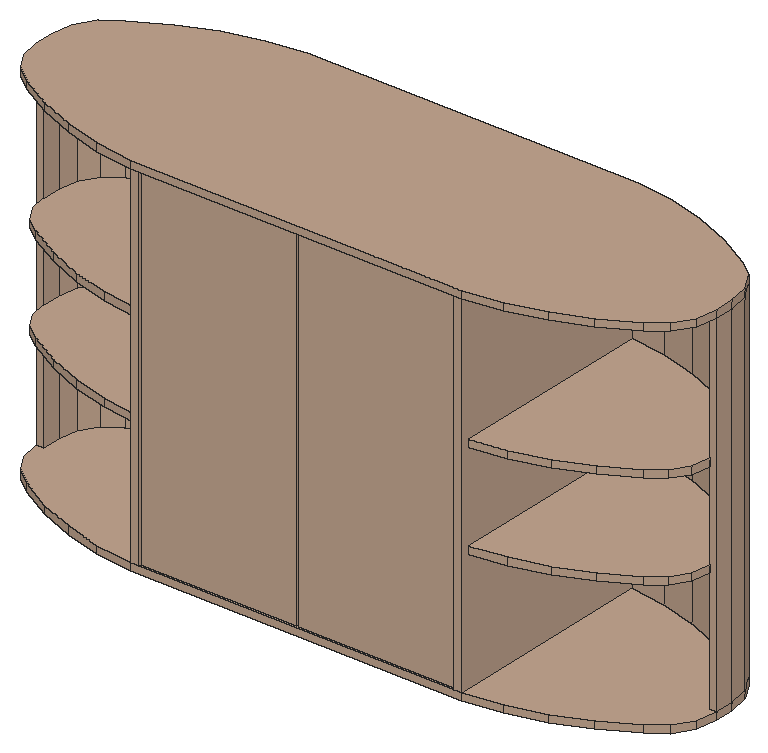
Revit family
Parameters (values of type "1849 x 600 mm")
  Cabinet Material = Wood
  Length = 900 mm
  Height of Shelf = 370 mm
  Height = 980 mm
Reference planes
  plane 1 "Center (Front/Back)": y = 0
  plane 2: z = 0
  plane 3 "Center (Left/Right)": x = 0
  plane 4: y = 300
  plane 5: y = -300
  plane 6: x = -450
  plane 7: x = 450
  plane 8: z = 980
  plane 9: z = 370
  plane 10: z = 610
Forms (mm)
  Extrusion 1, solid, material "Wood" <- "Cabinet Material"
    sketch origin (0, 0, 0) x (1, 0, 0) y (0, 1, 0)
      loop
        line (-450, 300) -> (-552.452, 285.197) -> (-652.266, 257.761) -> (-747.89, 218.116) -> (-837.837, 166.88) -> (-884.279, 131.9) -> (-914.924, 82.489) -> (-924.451, 25.294) -> (-924.451, -25.294) -> (-914.924, -82.489) -> (-884.279, -131.9) -> (-837.837, -166.88) -> (-747.89, -218.116) -> (-652.266, -257.761) -> (-552.452, -285.197) -> (-450, -300) -> (450, -300) -> (552.452, -285.197) -> (652.266, -257.761) -> (747.89, -218.116) -> (837.837, -166.88) -> (884.279, -131.9) -> (914.924, -82.489) -> (924.451, -25.294) -> (924.451, 25.294) -> (914.924, 82.489) -> (884.279, 131.9) -> (837.837, 166.88) -> (747.89, 218.116) -> (652.266, 257.761) -> (552.452, 285.197) -> (450, 300) -> (-450, 300)
    from 0 to 20
  Extrusion 2, solid, material "Wood" <- "Cabinet Material"
    sketch origin (0, 0, 0) x (1, 0, 0) y (0, 1, 0)
      loop
        line (-924.451, 25.294) -> (-924.451, -25.294) -> (-904.451, -25.294) -> (-904.451, 23.64) -> (-895.845, 75.305) -> (-869.256, 118.177) -> (-826.826, 150.135) -> (-739.076, 200.119) -> (-645.761, 238.807) -> (-548.356, 265.581) -> (-448.563, 280) -> (448.563, 280) -> (548.356, 265.581) -> (645.761, 238.807) -> (739.076, 200.119) -> (826.826, 150.135) -> (869.256, 118.177) -> (895.845, 75.305) -> (904.451, 23.64) -> (904.451, -25.294) -> (924.451, -25.294) -> (924.451, 25.294) -> (914.924, 82.489) -> (884.279, 131.9) -> (837.837, 166.88) -> (747.89, 218.116) -> (652.266, 257.761) -> (552.452, 285.197) -> (450, 300) -> (-450, 300) -> (-552.452, 285.197) -> (-652.266, 257.761) -> (-747.89, 218.116) -> (-837.837, 166.88) -> (-884.279, 131.9) -> (-914.924, 82.489) -> (-924.451, 25.294)
    from 20 to 980
  Extrusion 3, solid, material "Wood" <- "Cabinet Material"
    sketch origin (0, 0, 980) x (0, -1, 0) y (-1, 0, 0)
      loop
        line (131.9, 884.279) -> (82.489, 914.924) -> (25.294, 924.451) -> (-25.294, 924.451) -> (-82.489, 914.924) -> (-131.9, 884.279) -> (-166.88, 837.837) -> (-218.116, 747.89) -> (-257.761, 652.266) -> (-285.197, 552.452) -> (-300, 450) -> (-300, -450) -> (-285.197, -552.452) -> (-257.761, -652.266) -> (-218.116, -747.89) -> (-166.88, -837.837) -> (-131.9, -884.279) -> (-82.489, -914.924) -> (-25.294, -924.451) -> (25.294, -924.451) -> (82.489, -914.924) -> (131.9, -884.279) -> (166.88, -837.837) -> (218.116, -747.89) -> (257.761, -652.266) -> (285.197, -552.452) -> (300, -450) -> (300, 450) -> (285.197, 552.452) -> (257.761, 652.266) -> (218.116, 747.89) -> (166.88, 837.837) -> (131.9, 884.279)
    from 0 to -20
  Extrusion 4, solid, material "Wood" <- "Cabinet Material"
    sketch origin (0, 0, 0) x (1, 0, 0) y (0, 1, 0)
      loop
        line (-448.563, 280) -> (-448.563, -300) -> (-428.563, -300) -> (-428.563, 260) -> (430, 260) -> (430, -300) -> (450, -300) -> (450, 280) -> (-448.563, 280)
    from 20 to 980
  Extrusion 5, solid, material "Wood" <- "Cabinet Material"
    sketch origin (0, 0, 0) x (1, 0, 0) y (0, 1, 0)
      loop
        line (-428.563, -292.595) -> (-3.661, -292.595) -> (-3.661, -277.785) -> (-428.563, -277.785) -> (-428.563, -292.595)
      loop
        line (430, -292.595) -> (430, -277.785) -> (1.89, -277.785) -> (1.89, -292.595) -> (430, -292.595)
    from 20 to 980
  Extrusion 6, solid, material "Wood" <- "Cabinet Material"
    sketch origin (0, 0, 370) x (-1, 0, 0) y (0, -1, 0)
      loop
        line (904.451, 23.64) -> (895.845, 75.305) -> (869.256, 118.177) -> (826.826, 150.135) -> (739.076, 200.119) -> (645.761, 238.807) -> (548.356, 265.581) -> (448.563, 280) -> (448.563, -280) -> (548.356, -265.581) -> (645.761, -238.807) -> (739.076, -200.119) -> (826.826, -150.135) -> (869.256, -118.177) -> (895.845, -75.305) -> (904.451, -23.64) -> (904.451, 23.64)
      loop
        line (-904.451, 23.64) -> (-904.451, -23.64) -> (-895.845, -75.305) -> (-869.256, -118.177) -> (-826.826, -150.135) -> (-739.076, -200.119) -> (-645.761, -238.807) -> (-548.356, -265.581) -> (-448.563, -280) -> (-448.563, 280) -> (-548.356, 265.581) -> (-645.761, 238.807) -> (-739.076, 200.119) -> (-826.826, 150.135) -> (-869.256, 118.177) -> (-895.845, 75.305) -> (-904.451, 23.64)
    from 0 to -20
  Extrusion 7, solid, material "Wood" <- "Cabinet Material"
    sketch origin (0, 0, 610) x (-1, 0, 0) y (0, -1, 0)
      loop
        line (904.451, 23.64) -> (895.845, 75.305) -> (869.256, 118.177) -> (826.826, 150.135) -> (739.076, 200.119) -> (645.761, 238.807) -> (548.356, 265.581) -> (448.563, 280) -> (448.563, -280) -> (548.356, -265.581) -> (645.761, -238.807) -> (739.076, -200.119) -> (826.826, -150.135) -> (869.256, -118.177) -> (895.845, -75.305) -> (904.451, -23.64) -> (904.451, 23.64)
      loop
        line (-904.451, 23.64) -> (-904.451, -23.64) -> (-895.845, -75.305) -> (-869.256, -118.177) -> (-826.826, -150.135) -> (-739.076, -200.119) -> (-645.761, -238.807) -> (-548.356, -265.581) -> (-448.563, -280) -> (-448.563, 280) -> (-548.356, 265.581) -> (-645.761, 238.807) -> (-739.076, 200.119) -> (-826.826, 150.135) -> (-869.256, 118.177) -> (-895.845, 75.305) -> (-904.451, 23.64)
    from 0 to 20
Lines and regions (mm)
  Masking region 1
    outline origin (0, 0, 610) x (-1, 0, 0) y (0, -1, 0)
      loop
        line (747.89, 218.116) -> (652.266, 257.761) -> (552.452, 285.197) -> (450, 300) -> (-450, 300) -> (-552.452, 285.197) -> (-652.266, 257.761) -> (-747.89, 218.116) -> (-837.837, 166.88) -> (-884.279, 131.9) -> (-914.924, 82.489) -> (-924.451, 25.294) -> (-924.451, -25.294) -> (-914.924, -82.489) -> (-884.279, -131.9) -> (-837.837, -166.88) -> (-747.89, -218.116) -> (-652.266, -257.761) -> (-552.452, -285.197) -> (-450, -300) -> (450, -300) -> (552.452, -285.197) -> (652.266, -257.761) -> (747.89, -218.116) -> (837.837, -166.88) -> (884.279, -131.9) -> (914.924, -82.489) -> (924.451, -25.294) -> (924.451, 25.294) -> (914.924, 82.489) -> (884.279, 131.9) -> (837.837, 166.88) -> (747.89, 218.116)
  symbolic lines
    curve 1: line (-552.452, -285.197, 610) -> (-450, -300, 610)
    curve 2: line (-652.266, -257.761, 610) -> (-552.452, -285.197, 610)
    curve 3: line (-747.89, -218.116, 610) -> (-652.266, -257.761, 610)
    curve 4: line (-837.837, -166.88, 610) -> (-747.89, -218.116, 610)
    curve 5: line (-884.279, -131.9, 610) -> (-837.837, -166.88, 610)
    curve 6: line (-914.924, -82.489, 610) -> (-884.279, -131.9, 610)
    curve 7: line (-924.451, -25.294, 610) -> (-914.924, -82.489, 610)
    curve 8: line (-924.451, 25.294, 610) -> (-924.451, -25.294, 610)
    curve 9: line (-914.924, 82.489, 610) -> (-924.451, 25.294, 610)
    curve 10: line (-884.279, 131.9, 610) -> (-914.924, 82.489, 610)
    curve 11: line (-837.837, 166.88, 610) -> (-884.279, 131.9, 610)
    curve 12: line (-747.89, 218.116, 610) -> (-837.837, 166.88, 610)
    curve 13: line (-652.266, 257.761, 610) -> (-747.89, 218.116, 610)
    curve 14: line (-552.452, 285.197, 610) -> (-652.266, 257.761, 610)
    curve 15: line (-450, 300, 610) -> (-552.452, 285.197, 610)
    curve 16: line (450, 300, 610) -> (-450, 300, 610)
    curve 17: line (-450, -300, 610) -> (450, -300, 610)
    curve 18: line (552.452, -285.197, 610) -> (450, -300, 610)
    curve 19: line (652.266, -257.761, 610) -> (552.452, -285.197, 610)
    curve 20: line (747.89, -218.116, 610) -> (652.266, -257.761, 610)
    curve 21: line (837.837, -166.88, 610) -> (747.89, -218.116, 610)
    curve 22: line (884.279, -131.9, 610) -> (837.837, -166.88, 610)
    curve 23: line (914.924, -82.489, 610) -> (884.279, -131.9, 610)
    curve 24: line (924.451, -25.294, 610) -> (914.924, -82.489, 610)
    curve 25: line (924.451, 25.294, 610) -> (924.451, -25.294, 610)
    curve 26: line (914.924, 82.489, 610) -> (924.451, 25.294, 610)
    curve 27: line (884.279, 131.9, 610) -> (914.924, 82.489, 610)
    curve 28: line (837.837, 166.88, 610) -> (884.279, 131.9, 610)
    curve 29: line (747.89, 218.116, 610) -> (837.837, 166.88, 610)
    curve 30: line (652.266, 257.761, 610) -> (747.89, 218.116, 610)
    curve 31: line (552.452, 285.197, 610) -> (652.266, 257.761, 610)
    curve 32: line (450, 300, 610) -> (552.452, 285.197, 610)
Dimensions and locks
  equal spacing: plane 6, plane 3 "Center (Left/Right)", plane 7
  "Length": plane 6 to plane 7
  "Height": plane 8 to level
  "Height of Shelf": plane 9 to level
  "Height of Shelf": plane 8 to plane 10
  Extrusion 3 to Extrusion 3 = 1848.903 mm
  Extrusion 3 to Extrusion 3 = 600 mm
  aligned and locked: plane 6 to Extrusion 1 sketch curve
  aligned and locked: Extrusion 1 sketch curve to plane 4
  aligned and locked: Extrusion 2 sketch curve to Extrusion 1
  aligned and locked: plane 8 to Extrusion 2
  aligned and locked: Extrusion 3 sketch curve to Extrusion 1  (x8)
  aligned and locked: Extrusion 3 sketch curve to Extrusion 2  (x9)
  aligned and locked: Extrusion 3 to Extrusion 2
  aligned and locked: Extrusion 2 to Extrusion 4 sketch curve
  aligned and locked: Extrusion 4 sketch curve to Extrusion 2
  aligned and locked: Extrusion 1 to Extrusion 4 sketch curve
  aligned and locked: Extrusion 4 sketch curve to Extrusion 1
  aligned and locked: Extrusion 2 to Extrusion 4
  aligned and locked: Extrusion 4 to Extrusion 5 sketch curve
  aligned and locked: Extrusion 2 to Extrusion 5
  aligned and locked: Extrusion 2 to Extrusion 6 sketch curve
  aligned and locked: Extrusion 6 sketch curve to Extrusion 2  (x7)
  aligned and locked: Extrusion 6 sketch curve to Extrusion 4
  aligned and locked: Extrusion 2 to Extrusion 7 sketch curve
  aligned and locked: Extrusion 7 sketch curve to Extrusion 2  (x7)
  aligned and locked: Extrusion 7 sketch curve to Extrusion 4
Automatic sketch dimensions
  Extrusion 1 sketch curve to plane 5 = 0 mm
  Extrusion 1 sketch curve to plane 6 = 0 mm
  Extrusion 1 sketch curve to plane 4 = 14.803 mm  (x2)
  Extrusion 1 sketch curve to plane 6 = 102.452 mm  (x2)
  plane 5 to Extrusion 1 sketch curve = 14.803 mm  (x2)
  Extrusion 1 sketch curve to plane 4 = 42.239 mm  (x2)
  Extrusion 1 sketch curve to Extrusion 1 sketch curve = 99.814 mm  (x4)
  plane 5 to Extrusion 1 sketch curve = 42.239 mm  (x2)
  Extrusion 1 sketch curve to Extrusion 1 sketch curve = 95.624 mm  (x4)
  plane 5 to Extrusion 1 sketch curve = 81.884 mm  (x2)
  Extrusion 1 sketch curve to Extrusion 1 sketch curve = 51.236 mm  (x2)
  Extrusion 1 sketch curve to Extrusion 1 sketch curve = 34.981 mm  (x4)
  Extrusion 1 sketch curve to Extrusion 1 sketch curve = 49.411 mm  (x4)
  plane 1 "Center (Front/Back)" to Extrusion 1 sketch curve = 25.294 mm  (x2)
  Extrusion 1 sketch curve to plane 1 "Center (Front/Back)" = 25.294 mm  (x2)
  Extrusion 1 sketch curve to Extrusion 1 sketch curve = 57.195 mm  (x2)
  Extrusion 1 sketch curve to plane 4 = 81.884 mm  (x2)
  plane 7 to Extrusion 1 sketch curve = 102.452 mm  (x2)
  Extrusion 1 sketch curve to plane 7 = 0 mm  (x2)
  Extrusion 1 sketch curve to Extrusion 1 sketch curve = 89.947 mm  (x4)
  Extrusion 1 sketch curve to Extrusion 1 sketch curve = 46.442 mm  (x4)
  Extrusion 1 sketch curve to Extrusion 1 sketch curve = 30.645 mm  (x4)
  Extrusion 1 sketch curve to Extrusion 1 sketch curve = 9.527 mm  (x2)
  Masking region 1 sketch curve to plane 5 = 0 mm
  Masking region 1 sketch curve to plane 7 = 0 mm  (x2)
  Masking region 1 sketch curve to plane 4 = 0 mm
  Masking region 1 sketch curve to plane 6 = 0 mm  (x2)
  plane 5 to Masking region 1 sketch curve = 14.803 mm  (x2)
  plane 7 to Masking region 1 sketch curve = 102.452 mm  (x2)
  Masking region 1 sketch curve to plane 4 = 14.803 mm  (x2)
  plane 5 to Masking region 1 sketch curve = 42.239 mm  (x2)
  Masking region 1 sketch curve to Masking region 1 sketch curve = 99.814 mm  (x4)
  Masking region 1 sketch curve to plane 4 = 42.239 mm  (x2)
  Masking region 1 sketch curve to plane 4 = 81.884 mm  (x2)
  Masking region 1 sketch curve to Masking region 1 sketch curve = 95.624 mm  (x4)
  plane 5 to Masking region 1 sketch curve = 81.884 mm  (x2)
  Masking region 1 sketch curve to plane 4 = 133.12 mm  (x2)
  Masking region 1 sketch curve to Masking region 1 sketch curve = 89.947 mm  (x4)
  plane 5 to Masking region 1 sketch curve = 133.12 mm  (x2)
  Masking region 1 sketch curve to plane 1 "Center (Front/Back)" = 131.9 mm  (x2)
  Masking region 1 sketch curve to Masking region 1 sketch curve = 46.442 mm  (x4)
  plane 1 "Center (Front/Back)" to Masking region 1 sketch curve = 131.9 mm  (x2)
  Masking region 1 sketch curve to plane 1 "Center (Front/Back)" = 82.489 mm  (x2)
  Masking region 1 sketch curve to Masking region 1 sketch curve = 30.645 mm  (x4)
  plane 1 "Center (Front/Back)" to Masking region 1 sketch curve = 82.489 mm  (x2)
  plane 1 "Center (Front/Back)" to Masking region 1 sketch curve = 25.294 mm  (x2)
  Masking region 1 sketch curve to Masking region 1 sketch curve = 9.527 mm  (x2)
  Masking region 1 sketch curve to plane 6 = 102.452 mm  (x2)
  Masking region 1 sketch curve to plane 1 "Center (Front/Back)" = 25.294 mm  (x2)
  Extrusion 2 sketch curve to plane 4 = 0 mm
  Extrusion 2 sketch curve to plane 6 = 0 mm
  Extrusion 2 sketch curve to plane 7 = 0 mm
  Extrusion 2 sketch curve to plane 4 = 34.419 mm  (x2)
  Extrusion 2 sketch curve to plane 6 = 98.356 mm
  Extrusion 2 sketch curve to plane 4 = 14.803 mm  (x2)
  Extrusion 2 sketch curve to Extrusion 2 sketch curve = 4.096 mm  (x2)
  Extrusion 2 sketch curve to plane 4 = 61.193 mm  (x2)
  Extrusion 2 sketch curve to Extrusion 2 sketch curve = 97.405 mm  (x2)
  Extrusion 2 sketch curve to plane 4 = 42.239 mm  (x2)
  Extrusion 2 sketch curve to Extrusion 2 sketch curve = 6.506 mm  (x2)
  Extrusion 2 sketch curve to plane 4 = 99.881 mm  (x2)
  Extrusion 2 sketch curve to Extrusion 2 sketch curve = 93.316 mm  (x2)
  Extrusion 2 sketch curve to plane 4 = 81.884 mm  (x2)
  Extrusion 2 sketch curve to Extrusion 2 sketch curve = 8.814 mm  (x2)
  Extrusion 2 sketch curve to plane 4 = 149.865 mm  (x2)
  Extrusion 2 sketch curve to Extrusion 2 sketch curve = 87.75 mm  (x2)
  Extrusion 2 sketch curve to plane 4 = 133.12 mm  (x2)
  Extrusion 2 sketch curve to Extrusion 2 sketch curve = 11.011 mm  (x2)
  Extrusion 2 sketch curve to plane 1 "Center (Front/Back)" = 118.177 mm  (x2)
  Extrusion 2 sketch curve to Extrusion 2 sketch curve = 42.43 mm  (x2)
  Extrusion 2 sketch curve to plane 1 "Center (Front/Back)" = 131.9 mm  (x2)
  Extrusion 2 sketch curve to Extrusion 2 sketch curve = 15.023 mm  (x2)
  Extrusion 2 sketch curve to plane 1 "Center (Front/Back)" = 75.305 mm  (x2)
  Extrusion 2 sketch curve to Extrusion 2 sketch curve = 26.589 mm  (x2)
  Extrusion 2 sketch curve to Extrusion 2 sketch curve = 8.606 mm  (x2)
  Extrusion 2 sketch curve to plane 1 "Center (Front/Back)" = 82.489 mm  (x2)
  Extrusion 2 sketch curve to Extrusion 2 sketch curve = 19.079 mm  (x2)
  Extrusion 2 sketch curve to plane 1 "Center (Front/Back)" = 25.294 mm
  Extrusion 2 sketch curve to Extrusion 2 sketch curve = 20 mm  (x2)
  plane 6 to Extrusion 2 sketch curve = 1.437 mm
  Extrusion 2 sketch curve to plane 7 = 1.437 mm
  plane 7 to Extrusion 2 sketch curve = 98.356 mm
  plane 1 "Center (Front/Back)" to Extrusion 2 sketch curve = 25.294 mm
  Extrusion 2 sketch curve to Extrusion 2 sketch curve = 1.654 mm  (x2)
  Extrusion 2 sketch curve to plane 1 "Center (Front/Back)" = 23.64 mm
  Extrusion 2 sketch curve to plane 4 = 20 mm
  Extrusion 3 sketch curve to plane 7 = 0 mm  (x2)
  Extrusion 3 sketch curve to plane 4 = 14.803 mm
  Extrusion 3 sketch curve to plane 4 = 42.239 mm
  Extrusion 3 sketch curve to plane 4 = 81.884 mm
  Extrusion 3 sketch curve to Extrusion 3 sketch curve = 51.236 mm
  Extrusion 3 sketch curve to Extrusion 3 sketch curve = 34.981 mm  (x2)
  Extrusion 3 sketch curve to Extrusion 3 sketch curve = 49.411 mm  (x2)
  Extrusion 3 sketch curve to plane 1 "Center (Front/Back)" = 25.294 mm
  plane 1 "Center (Front/Back)" to Extrusion 3 sketch curve = 25.294 mm
  Extrusion 3 sketch curve to Extrusion 3 sketch curve = 57.195 mm
  plane 5 to Extrusion 3 sketch curve = 81.884 mm
  plane 5 to Extrusion 3 sketch curve = 42.239 mm
  plane 5 to Extrusion 3 sketch curve = 14.803 mm
  plane 7 to Extrusion 3 sketch curve = 102.452 mm  (x2)
  Extrusion 3 sketch curve to Extrusion 3 sketch curve = 99.814 mm  (x2)
  Extrusion 3 sketch curve to Extrusion 3 sketch curve = 95.624 mm  (x2)
  Extrusion 3 sketch curve to Extrusion 3 sketch curve = 89.947 mm  (x2)
  Extrusion 3 sketch curve to Extrusion 3 sketch curve = 46.442 mm  (x2)
  Extrusion 3 sketch curve to Extrusion 3 sketch curve = 30.645 mm  (x2)
  Extrusion 3 sketch curve to Extrusion 3 sketch curve = 9.527 mm
  Extrusion 4 sketch curve to plane 5 = 0 mm
  Extrusion 4 sketch curve to Extrusion 4 sketch curve = 20 mm  (x2)
  Extrusion 4 sketch curve to plane 7 = 20 mm
  Extrusion 5 sketch curve to plane 3 "Center (Left/Right)" = 3.661 mm
  plane 3 "Center (Left/Right)" to Extrusion 5 sketch curve = 1.89 mm
  Extrusion 5 sketch curve to plane 7 = 20 mm
  plane 5 to Extrusion 5 sketch curve = 7.405 mm
  Extrusion 5 sketch curve to Extrusion 5 sketch curve = 0 mm
  Extrusion 5 sketch curve to Extrusion 5 sketch curve = 14.81 mm  (x2)
  Extrusion 6 sketch curve to plane 7 = 1.437 mm
  plane 5 to Extrusion 6 sketch curve = 34.419 mm  (x2)
  plane 7 to Extrusion 6 sketch curve = 98.356 mm  (x2)
  Extrusion 6 sketch curve to plane 4 = 34.419 mm
  Extrusion 6 sketch curve to plane 4 = 61.193 mm
  Extrusion 6 sketch curve to Extrusion 6 sketch curve = 97.405 mm  (x3)
  plane 5 to Extrusion 6 sketch curve = 61.193 mm  (x2)
  Extrusion 6 sketch curve to plane 4 = 99.881 mm
  Extrusion 6 sketch curve to Extrusion 6 sketch curve = 93.316 mm  (x3)
  plane 5 to Extrusion 6 sketch curve = 99.881 mm  (x2)
  plane 5 to Extrusion 6 sketch curve = 149.865 mm  (x2)
  Extrusion 6 sketch curve to Extrusion 6 sketch curve = 87.75 mm  (x3)
  Extrusion 6 sketch curve to plane 4 = 149.865 mm
  plane 1 "Center (Front/Back)" to Extrusion 6 sketch curve = 118.177 mm  (x2)
  Extrusion 6 sketch curve to Extrusion 6 sketch curve = 42.43 mm  (x3)
  Extrusion 6 sketch curve to plane 1 "Center (Front/Back)" = 118.177 mm
  plane 1 "Center (Front/Back)" to Extrusion 6 sketch curve = 75.305 mm  (x2)
  Extrusion 6 sketch curve to Extrusion 6 sketch curve = 26.589 mm  (x3)
  Extrusion 6 sketch curve to plane 1 "Center (Front/Back)" = 75.305 mm
  Extrusion 6 sketch curve to plane 1 "Center (Front/Back)" = 23.64 mm
  Extrusion 6 sketch curve to Extrusion 6 sketch curve = 8.606 mm
  Extrusion 6 sketch curve to plane 6 = 98.356 mm
  Extrusion 6 sketch curve to plane 4 = 20 mm
  plane 1 "Center (Front/Back)" to Extrusion 6 sketch curve = 23.64 mm  (x2)
  plane 5 to Extrusion 6 sketch curve = 20 mm  (x2)
  Extrusion 7 sketch curve to plane 7 = 1.437 mm
  Extrusion 7 sketch curve to plane 4 = 34.419 mm
  plane 7 to Extrusion 7 sketch curve = 98.356 mm  (x2)
  plane 5 to Extrusion 7 sketch curve = 34.419 mm  (x2)
  plane 5 to Extrusion 7 sketch curve = 61.193 mm  (x2)
  Extrusion 7 sketch curve to Extrusion 7 sketch curve = 97.405 mm  (x3)
  Extrusion 7 sketch curve to plane 4 = 61.193 mm
  plane 5 to Extrusion 7 sketch curve = 99.881 mm  (x2)
  Extrusion 7 sketch curve to Extrusion 7 sketch curve = 93.316 mm  (x3)
  Extrusion 7 sketch curve to plane 4 = 99.881 mm
  plane 5 to Extrusion 7 sketch curve = 149.865 mm  (x2)
  Extrusion 7 sketch curve to Extrusion 7 sketch curve = 87.75 mm  (x3)
  Extrusion 7 sketch curve to plane 4 = 149.865 mm
  Extrusion 7 sketch curve to plane 1 "Center (Front/Back)" = 118.177 mm
  Extrusion 7 sketch curve to Extrusion 7 sketch curve = 42.43 mm  (x3)
  plane 1 "Center (Front/Back)" to Extrusion 7 sketch curve = 118.177 mm  (x2)
  plane 1 "Center (Front/Back)" to Extrusion 7 sketch curve = 75.305 mm  (x2)
  Extrusion 7 sketch curve to Extrusion 7 sketch curve = 26.589 mm  (x3)
  Extrusion 7 sketch curve to plane 1 "Center (Front/Back)" = 75.305 mm
  plane 1 "Center (Front/Back)" to Extrusion 7 sketch curve = 23.64 mm  (x2)
  Extrusion 7 sketch curve to Extrusion 7 sketch curve = 8.606 mm
  Extrusion 7 sketch curve to plane 6 = 98.356 mm
  Extrusion 7 sketch curve to plane 4 = 20 mm
  Extrusion 7 sketch curve to plane 1 "Center (Front/Back)" = 23.64 mm
  plane 5 to Extrusion 7 sketch curve = 20 mm  (x2)
  curve 32 to plane 4 = 0 mm
  curve 32 to plane 7 = 0 mm
  curve 17 to plane 5 = 0 mm
  curve 17 to plane 7 = 0 mm
  curve 17 to plane 6 = 0 mm
  curve 16 to plane 6 = 0 mm
  plane 5 to curve 19 = 14.803 mm
  plane 7 to curve 19 = 102.452 mm
  curve 32 to plane 4 = 14.803 mm
  plane 7 to curve 32 = 102.452 mm
  plane 5 to curve 20 = 42.239 mm
  curve 20 to curve 18 = 99.814 mm
  curve 30 to plane 4 = 42.239 mm
  curve 30 to curve 32 = 99.814 mm
  plane 5 to curve 21 = 81.884 mm
  curve 21 to curve 20 = 95.624 mm
  curve 29 to plane 4 = 81.884 mm
  curve 29 to curve 31 = 95.624 mm
  plane 5 to curve 22 = 133.12 mm
  curve 22 to curve 20 = 89.947 mm
  curve 28 to plane 4 = 133.12 mm
  curve 28 to curve 29 = 89.947 mm
  plane 1 "Center (Front/Back)" to curve 22 = 131.9 mm
  curve 22 to curve 21 = 46.442 mm
  curve 27 to plane 1 "Center (Front/Back)" = 131.9 mm
  curve 27 to curve 28 = 46.442 mm
  curve 27 to plane 1 "Center (Front/Back)" = 82.489 mm
  curve 27 to curve 28 = 30.645 mm
  plane 1 "Center (Front/Back)" to curve 23 = 82.489 mm
  curve 23 to curve 23 = 30.645 mm
  curve 26 to plane 1 "Center (Front/Back)" = 25.294 mm
  curve 26 to curve 26 = 9.527 mm
  curve 15 to plane 4 = 14.803 mm
  curve 15 to plane 6 = 102.452 mm
  plane 5 to curve 2 = 14.803 mm
  curve 2 to plane 6 = 102.452 mm
  curve 13 to plane 4 = 42.239 mm
  curve 14 to curve 13 = 99.814 mm
  plane 5 to curve 3 = 42.239 mm
  curve 1 to curve 3 = 99.814 mm
  curve 12 to plane 4 = 81.884 mm
  curve 13 to curve 12 = 95.624 mm
  plane 5 to curve 4 = 81.884 mm
  curve 2 to curve 4 = 95.624 mm
  curve 12 to plane 4 = 133.12 mm
  curve 12 to curve 12 = 89.947 mm
  plane 5 to curve 4 = 133.12 mm
  curve 3 to curve 4 = 89.947 mm
  plane 1 "Center (Front/Back)" to curve 6 = 131.9 mm
  curve 4 to curve 6 = 46.442 mm
  curve 10 to plane 1 "Center (Front/Back)" = 131.9 mm
  curve 11 to curve 10 = 46.442 mm
  plane 1 "Center (Front/Back)" to curve 7 = 82.489 mm
  curve 5 to curve 7 = 30.645 mm
  curve 10 to plane 1 "Center (Front/Back)" = 82.489 mm
  curve 10 to curve 10 = 30.645 mm
  curve 9 to plane 1 "Center (Front/Back)" = 25.294 mm
  curve 9 to curve 9 = 9.527 mm
  plane 1 "Center (Front/Back)" to curve 25 = 25.294 mm
  plane 1 "Center (Front/Back)" to curve 7 = 25.294 mm
